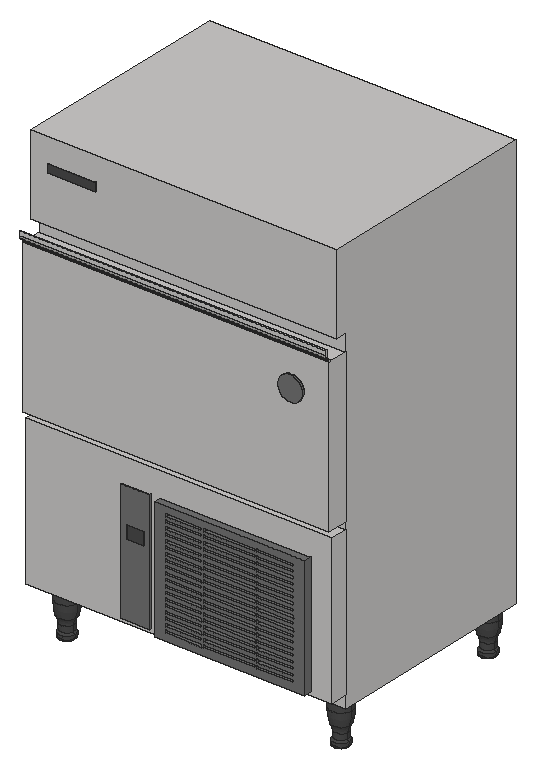
Revit family "QF_MACOM_HOSIM65NEQ-2M", category Equipamento especial, Revit 2020
Family settings
  Cota do conector redondo = Utilizar diâmetro
  Tipo de parte = Normal
  Número OmniClass = 23.40.40.14.27
  Título OmniClass = Ice Machines
  Com base no plano de trabalho = Não
  Sempre na vertical = Sim
  Corte com vazios quando carregada = Não
  Compartilhado = Não
  Ponto de cálculo do ambiente = Não
Parameters (values of type "HOSIM65NEQ-2M")
  Weight [instance] = 53.00 kg
  Watts [instance] = 390 W
  Waste Water Discharge Temperature = 0 °C
  Volume = 0.304 m³
  Volts [instance] = 220 V
  URL Recommended Spares List [instance] = ""
  URL Manufacturer [instance] = ""
  URL Cutsheet [instance] = ""
  URL Critical Spares List [instance] = ""
  URL = "https://www.acosmacom.com.br/produtos/maquina-de-gelo-im-65-neq/"
  Specification by User [instance] = ""
  Specification by Manufacturer [instance] = ""
  Serial Number [instance] = ""
  Seismic Rating [instance] = ""
  SMACNA No [instance] = ""
  Revision Code [instance] = ""
  Plumbing Remarks = ""
  Plumbing Connection Type = ""
  Number of Poles = 0
  NAFEM Spec ID Number [instance] = ""
  Modelo = "HOSIM65NEQ-2M\r\nHOSIM65NELM-2M\r\nHOSIM65NELM-2M"
  Min Ckt Capacity = 0 A
  Max Overcurrent Protection = 0 A
  Item Number [instance] = ""
  Installed By [instance] = ""
  Indirect Waste Size = 3/4"
  Indirect Waste Flow = 0.0 L/s
  Indirect Waste Connection Type = ""
  Indirect Waste Connection Height = 177 mm
  Furnished By [instance] = ""
  Fabricante = "MACOM"
  Elevação padrão = 0 mm
  Electrical Remarks = ""
  Electric Connection Type = ""
  Elec Conn RI Height = 0 mm
  Descrição = "MAQUINA DE GELO EM ESFERA HOSHIZAKI, PRODUCAO ATE 26KG/DIA, COM DEPOSITO DE 17KG - 220V MONOF - IM-65NE-Q-633X506X860"
  Conn Conduit = ""
  Type Comments = ""
  Show Logo [instance] = yes
  Show Clearances [instance] = yes
  Refrigeration Suction Line Size [instance] = 0"
  Refrigeration Liquid Line Size [instance] = 0"
  Refrigeration Evaporation Temperature [instance] = 0 °C
  Refrigeration Energy Efficiency Index [instance] = ""
  Refrigeration Defrost Drain [instance] = yes
  Refrigeration Climate Class [instance] = ""
  Refrigerant Type [instance] = "R134a"
  Refrigerant Mass [instance] = 0
  Refrigerant Flow [instance] = 0.0 L/s
  Refrigerant Compressor Remote [instance] = yes
  Potential Equalisation [instance] = yes
  Phase [instance] = 1
  Operational Current [instance] = 2.9 A
  Masterspec [instance] = ""
  Length Actual [instance] = 633 mm
  Ingress Protection Code [instance] = ""
  Identify Quantity as Lot [instance] = yes
  Height Actual [instance] = 950 mm
  Gas Connection Height [instance] = 0 mm
  Fuel Type [instance] = ""
  Foodservice Equipment Identifier [instance] = yes
  Elec Conn Connection Height [instance] = 228 mm
  Depth Actual [instance] = 514 mm
  Cycle [instance] = 60 Hz
  Conn Plug [instance] = ""
  Cold Water Temperature Recommended = 0 °C
  Cold Water Size = 3/4"
  Cold Water RI Height = 0 mm
  Cold Water Minimum Pressure = 0.0 Pa
  Cold Water Maximum Pressure = 0.0 Pa
  Cold Water Flow = 0.0 L/s
  Cold Water Consumption = ""
  Cold Water Connection Height = 766 mm
  CSI MasterFormat [instance] = ""
  CE Approved [instance] = yes
  BTUH [instance] = 2729 Btu/h
  Accessory [instance] = yes
Reference planes
  plane 1 "Centro (Frontal/Traseira)": y = 0
  plane 2: z = 0
  plane 3 "Centro (Esquerda/Direita)": x = 0
  plane 4: y = -514
  plane 5: z = 370.85
  plane 6: z = 120.85
  plane 7: y = -772
Forms (mm)
  Extrusion 1, solid, material "QF_Metal_Stainless Steel"
    sketch origin (0, 0, 0) x (0, 1, 0) y (0, 0, 1)
      loop
        line (-464, 90.5) -> (-24, 90.5) -> (-24, 950) -> (-487, 950) -> (-487, 786) -> (-464, 786) -> (-464, 90.5)
    from 0 to 633
  Extrusion 2, solid, material "QF_Metal_Stainless Steel"
    sketch origin (0, -464, 1046.354) x (0, 0, -1) y (1, 0, 0)
      loop
        line (624.354, 0) -> (931.354, 0) -> (931.354, 633) -> (624.354, 633) -> (624.354, 0)
    from 0 to 35
  Extrusion 3, solid, material "QF_Metal_Stainless Steel"
    sketch origin (0, -464, 1046.354) x (0, 0, -1) y (1, 0, 0)
      loop
        line (295.454, 0) -> (610.454, 0) -> (610.454, 633) -> (295.454, 633) -> (295.454, 0)
    from 0 to 42
  Extrusion 4, solid, material "QF_Metal_Stainless Steel"
    sketch origin (633, -464, 747.901) x (0, 0, -1) y (0, 1, 0)
      loop
        line (-2.999, -42) -> (-2.999, -40.896) -> (-5.061, -40.896)
        arc (-5.061, -40.896) -> (-6.488, -41.241) -> (-7.601, -42.198) r 3.129
        line (-7.601, -42.198) -> (-12.397, -46.994)
        arc (-12.397, -46.994) -> (-14.619, -48.479) -> (-17.24, -49) r 6.849
        line (-17.24, -49) -> (-27.599, -49) -> (-27.599, -50) -> (-17.746, -50)
        arc (-17.746, -50) -> (-14.456, -49.346) -> (-11.667, -47.482) r 8.597
        line (-11.667, -47.482) -> (-6.785, -42.6)
        arc (-6.785, -42.6) -> (-6.12, -42.156) -> (-5.336, -42) r 2.05
        line (-5.336, -42) -> (-2.999, -42)
    from 0 to -633
  Extrusion 5, solid, material "QF_Plastic-Dark Gray"
    sketch origin (0, -499, 1046.354) x (0, 0, -1) y (1, 0, 0)
      loop
        line (675.504, 278.5) -> (925.504, 278.5) -> (925.504, 588.5) -> (675.504, 588.5) -> (675.504, 278.5)
      loop
        line (688.814, 301.25) -> (694.814, 301.25) -> (694.814, 377) -> (688.814, 377) -> (688.814, 301.25)
      loop
        line (688.814, 380) -> (694.814, 380) -> (694.814, 487) -> (688.814, 487) -> (688.814, 380)
      loop
        line (688.814, 490) -> (694.814, 490) -> (694.814, 565.75) -> (688.814, 565.75) -> (688.814, 490)
      loop
        line (700.814, 301.25) -> (706.814, 301.25) -> (706.814, 377) -> (700.814, 377) -> (700.814, 301.25)
      loop
        line (700.814, 380) -> (706.814, 380) -> (706.814, 487) -> (700.814, 487) -> (700.814, 380)
      loop
        line (700.814, 490) -> (706.814, 490) -> (706.814, 565.75) -> (700.814, 565.75) -> (700.814, 490)
      loop
        line (712.814, 301.25) -> (718.814, 301.25) -> (718.814, 377) -> (712.814, 377) -> (712.814, 301.25)
      loop
        line (712.814, 380) -> (718.814, 380) -> (718.814, 487) -> (712.814, 487) -> (712.814, 380)
      loop
        line (712.814, 490) -> (718.814, 490) -> (718.814, 565.75) -> (712.814, 565.75) -> (712.814, 490)
      loop
        line (724.814, 301.25) -> (730.814, 301.25) -> (730.814, 377) -> (724.814, 377) -> (724.814, 301.25)
      loop
        line (724.814, 380) -> (730.814, 380) -> (730.814, 487) -> (724.814, 487) -> (724.814, 380)
      loop
        line (724.814, 490) -> (730.814, 490) -> (730.814, 565.75) -> (724.814, 565.75) -> (724.814, 490)
      loop
        line (736.814, 301.25) -> (742.814, 301.25) -> (742.814, 377) -> (736.814, 377) -> (736.814, 301.25)
      loop
        line (736.814, 380) -> (742.814, 380) -> (742.814, 487) -> (736.814, 487) -> (736.814, 380)
      loop
        line (736.814, 490) -> (742.814, 490) -> (742.814, 565.75) -> (736.814, 565.75) -> (736.814, 490)
      loop
        line (748.814, 301.25) -> (754.814, 301.25) -> (754.814, 377) -> (748.814, 377) -> (748.814, 301.25)
      loop
        line (748.814, 380) -> (754.814, 380) -> (754.814, 487) -> (748.814, 487) -> (748.814, 380)
      loop
        line (748.814, 490) -> (754.814, 490) -> (754.814, 565.75) -> (748.814, 565.75) -> (748.814, 490)
      loop
        line (760.814, 301.25) -> (766.814, 301.25) -> (766.814, 377) -> (760.814, 377) -> (760.814, 301.25)
      loop
        line (760.814, 380) -> (766.814, 380) -> (766.814, 487) -> (760.814, 487) -> (760.814, 380)
      loop
        line (760.814, 490) -> (766.814, 490) -> (766.814, 565.75) -> (760.814, 565.75) -> (760.814, 490)
      loop
        line (772.814, 301.25) -> (778.814, 301.25) -> (778.814, 377) -> (772.814, 377) -> (772.814, 301.25)
      loop
        line (772.814, 380) -> (778.814, 380) -> (778.814, 487) -> (772.814, 487) -> (772.814, 380)
      loop
        line (772.814, 490) -> (778.814, 490) -> (778.814, 565.75) -> (772.814, 565.75) -> (772.814, 490)
      loop
        line (784.814, 301.25) -> (790.814, 301.25) -> (790.814, 377) -> (784.814, 377) -> (784.814, 301.25)
      loop
        line (784.814, 380) -> (790.814, 380) -> (790.814, 487) -> (784.814, 487) -> (784.814, 380)
      loop
        line (784.814, 490) -> (790.814, 490) -> (790.814, 565.75) -> (784.814, 565.75) -> (784.814, 490)
      loop
        line (796.814, 301.25) -> (802.814, 301.25) -> (802.814, 377) -> (796.814, 377) -> (796.814, 301.25)
      loop
        line (796.814, 380) -> (802.814, 380) -> (802.814, 487) -> (796.814, 487) -> (796.814, 380)
      loop
        line (796.814, 490) -> (802.814, 490) -> (802.814, 565.75) -> (796.814, 565.75) -> (796.814, 490)
      loop
        line (808.814, 301.25) -> (814.814, 301.25) -> (814.814, 377) -> (808.814, 377) -> (808.814, 301.25)
      loop
        line (808.814, 380) -> (814.814, 380) -> (814.814, 487) -> (808.814, 487) -> (808.814, 380)
      loop
        line (808.814, 490) -> (814.814, 490) -> (814.814, 565.75) -> (808.814, 565.75) -> (808.814, 490)
      loop
        line (820.814, 301.25) -> (826.814, 301.25) -> (826.814, 377) -> (820.814, 377) -> (820.814, 301.25)
      loop
        line (820.814, 380) -> (826.814, 380) -> (826.814, 487) -> (820.814, 487) -> (820.814, 380)
      loop
        line (820.814, 490) -> (826.814, 490) -> (826.814, 565.75) -> (820.814, 565.75) -> (820.814, 490)
      loop
        line (832.814, 301.25) -> (838.814, 301.25) -> (838.814, 377) -> (832.814, 377) -> (832.814, 301.25)
      loop
        line (832.814, 380) -> (838.814, 380) -> (838.814, 487) -> (832.814, 487) -> (832.814, 380)
      loop
        line (832.814, 490) -> (838.814, 490) -> (838.814, 565.75) -> (832.814, 565.75) -> (832.814, 490)
      loop
        line (844.814, 301.25) -> (850.814, 301.25) -> (850.814, 377) -> (844.814, 377) -> (844.814, 301.25)
      loop
        line (844.814, 380) -> (850.814, 380) -> (850.814, 487) -> (844.814, 487) -> (844.814, 380)
      loop
        line (844.814, 490) -> (850.814, 490) -> (850.814, 565.75) -> (844.814, 565.75) -> (844.814, 490)
      loop
        line (856.814, 301.25) -> (862.814, 301.25) -> (862.814, 377) -> (856.814, 377) -> (856.814, 301.25)
      loop
        line (856.814, 380) -> (862.814, 380) -> (862.814, 487) -> (856.814, 487) -> (856.814, 380)
      loop
        line (856.814, 490) -> (862.814, 490) -> (862.814, 565.75) -> (856.814, 565.75) -> (856.814, 490)
      loop
        line (868.814, 301.25) -> (874.814, 301.25) -> (874.814, 377) -> (868.814, 377) -> (868.814, 301.25)
      loop
        line (868.814, 380) -> (874.814, 380) -> (874.814, 487) -> (868.814, 487) -> (868.814, 380)
      loop
        line (868.814, 490) -> (874.814, 490) -> (874.814, 565.75) -> (868.814, 565.75) -> (868.814, 490)
      loop
        line (880.814, 301.25) -> (886.814, 301.25) -> (886.814, 377) -> (880.814, 377) -> (880.814, 301.25)
      loop
        line (880.814, 380) -> (886.814, 380) -> (886.814, 487) -> (880.814, 487) -> (880.814, 380)
      loop
        line (880.814, 490) -> (886.814, 490) -> (886.814, 565.75) -> (880.814, 565.75) -> (880.814, 490)
      loop
        line (892.814, 301.25) -> (898.814, 301.25) -> (898.814, 377) -> (892.814, 377) -> (892.814, 301.25)
      loop
        line (892.814, 380) -> (898.814, 380) -> (898.814, 487) -> (892.814, 487) -> (892.814, 380)
      loop
        line (892.814, 490) -> (898.814, 490) -> (898.814, 565.75) -> (892.814, 565.75) -> (892.814, 490)
      loop
        line (904.814, 301.25) -> (910.814, 301.25) -> (910.814, 377) -> (904.814, 377) -> (904.814, 301.25)
      loop
        line (904.814, 380) -> (910.814, 380) -> (910.814, 487) -> (904.814, 487) -> (904.814, 380)
      loop
        line (904.814, 490) -> (910.814, 490) -> (910.814, 565.75) -> (904.814, 565.75) -> (904.814, 490)
    from 0 to 15
  Extrusion 6, solid, material "QF_Plastic-Dark Gray"
    sketch origin (0, -499, 1046.354) x (0, 0, -1) y (1, 0, 0)
      loop
        line (675.504, 198) -> (925.504, 198) -> (925.504, 258) -> (675.504, 258) -> (675.504, 198)
      loop
        line (749.004, 209.5) -> (775.004, 209.5) -> (775.004, 246.5) -> (749.004, 246.5) -> (749.004, 209.5)
    from 0 to 2
  Extrusion 7, solid, material "QF_Plastic_Black"
    sketch origin (0, -499, 1046.354) x (0, 0, -1) y (1, 0, 0)
      loop
        line (749.004, 209.5) -> (775.004, 209.5) -> (775.004, 246.5) -> (749.004, 246.5) -> (749.004, 209.5)
    from 0 to 2
  Extrusion 8, solid, material "QF_Metal_Stainless Steel"
    sketch origin (0, -243.851, 950) x (0, -1, 0) y (1, 0, 0)
      loop
        line (-243.851, 511.5) -> (-219.851, 511.5) -> (-219.851, 591.5) -> (-243.851, 591.5) -> (-243.851, 511.5)
    from -51.4 to -663.4
  Extrusion 9, solid, material "QF_Finishes_Clearance Door Blue", detail levels coarse
    sketch origin (633, -464, 747.901) x (0, 0, -1) y (0, 1, 0)
      loop
        line (312.001, -42) -> (-2.999, -42)
        arc (-2.999, -42) -> (36.496, -194.715) -> (145.076, -309.135) r 315
        line (145.076, -309.135) -> (312.001, -42)
    from 0 to -633
  Extrusion 10, solid, material "QF_Finishes_Clearance Wall", detail levels coarse
    sketch origin (0, -243.851, 950) x (0, -1, 0) y (1, 0, 0)
      loop
        line (270.149, 633) -> (270.149, 783) -> (-393.851, 783) -> (-393.851, -150) -> (270.149, -150) -> (270.149, 0) -> (-243.851, 0) -> (-243.851, 633) -> (270.149, 633)
    from 0 to -950
  Extrusion 11, solid, material "QF_Finishes_Clearance Wall", detail levels coarse
    sketch origin (0, -243.851, 950) x (0, -1, 0) y (1, 0, 0)
      loop
        line (-393.851, -150) -> (270.149, -150) -> (270.149, 783) -> (-393.851, 783) -> (-393.851, -150)
    from 0 to 150
  Extrusion 12, solid, material "QF_Metal_Stainless Steel"
    sketch origin (0, -24, 206.354) x (0, 0, 1) y (1, 0, 0)
      loop
        circle (61.146, 79) r 9.525
      loop
        circle (112.146, 35) r 9.525
      loop
        circle (650.146, 67) r 9.525
    from 0 to 6.35
Cuts and joins
  joined: Extrusion 10, Extrusion 11
Lines and regions (mm)
  symbolic lines
    curve 1: line (0, -24, 0) -> (633, -24, 0)
    curve 2: line (0, -506, 0) -> (0, -24, 0)
    curve 3: line (633, -506, 0) -> (0, -506, 0)
    curve 4: line (633, -24, 0) -> (633, -506, 0)
    curve 5: line (633, -513, 0) -> (0, -513, 0)
    curve 6: line (633, -506, 0) -> (633, -513, 0)
    curve 7: line (0, -506, 0) -> (633, -506, 0)
    curve 8: line (0, -513, 0) -> (0, -506, 0)
    curve 9: line (511.5, 0, 0) -> (591.5, 0, 0)
    curve 10: line (511.5, -24, 0) -> (511.5, 0, 0)
    curve 11: line (591.5, -24, 0) -> (511.5, -24, 0)
    curve 12: line (591.5, 0, 0) -> (591.5, -24, 0)
    curve 13: line (88.525, -17.65, 0) -> (76.562, -17.65, 0)
    curve 14: line (88.525, -24, 0) -> (88.525, -17.65, 0)
    curve 15: line (76.562, -24, 0) -> (88.525, -24, 0)
    curve 16: line (76.562, -17.65, 0) -> (76.562, -24, 0)
    curve 17: line (69.475, -17.65, 0) -> (57.442, -17.65, 0)
    curve 18: line (69.475, -24, 0) -> (69.475, -17.65, 0)
    curve 19: line (57.442, -24, 0) -> (69.475, -24, 0)
    curve 20: line (57.442, -17.65, 0) -> (57.442, -24, 0)
    curve 21: line (44.525, -17.65, 0) -> (25.419, -17.65, 0)
    curve 22: line (44.525, -24, 0) -> (44.525, -17.65, 0)
    curve 23: line (25.419, -24, 0) -> (44.525, -24, 0)
    curve 24: line (25.419, -17.65, 0) -> (25.419, -24, 0)
  model lines
    curve 25: line (633, -376, 315.5) -> (633, -372, 315.5)
    curve 26: line (633, -376, 259.5) -> (633, -376, 315.5)
    curve 27: line (633, -372, 259.5) -> (633, -376, 259.5)
    curve 28: line (633, -372, 315.5) -> (633, -372, 259.5)
    curve 29: line (633, -376, 254.5) -> (633, -372, 254.5)
    curve 30: line (633, -376, 233.5) -> (633, -376, 254.5)
    curve 31: line (633, -372, 233.5) -> (633, -376, 233.5)
    curve 32: line (633, -372, 254.5) -> (633, -372, 233.5)
    curve 33: line (633, -376, 228.5) -> (633, -372, 228.5)
    curve 34: line (633, -376, 172.5) -> (633, -376, 228.5)
    curve 35: line (633, -372, 172.5) -> (633, -376, 172.5)
    curve 36: line (633, -372, 228.5) -> (633, -372, 172.5)
    curve 37: line (633, -376, 167.5) -> (633, -372, 167.5)
    curve 38: line (633, -376, 141.5) -> (633, -376, 167.5)
    curve 39: line (633, -372, 141.5) -> (633, -376, 141.5)
    curve 40: line (633, -372, 167.5) -> (633, -372, 141.5)
    curve 57: line (633, -367, 315.5) -> (633, -363, 315.5)
    curve 58: line (633, -367, 259.5) -> (633, -367, 315.5)
    curve 59: line (633, -363, 259.5) -> (633, -367, 259.5)
    curve 60: line (633, -363, 315.5) -> (633, -363, 259.5)
    curve 61: line (633, -367, 254.5) -> (633, -363, 254.5)
    curve 62: line (633, -367, 233.5) -> (633, -367, 254.5)
    curve 63: line (633, -363, 233.5) -> (633, -367, 233.5)
    curve 64: line (633, -363, 254.5) -> (633, -363, 233.5)
    curve 65: line (633, -367, 228.5) -> (633, -363, 228.5)
    curve 66: line (633, -367, 172.5) -> (633, -367, 228.5)
    curve 67: line (633, -363, 172.5) -> (633, -367, 172.5)
    curve 68: line (633, -363, 228.5) -> (633, -363, 172.5)
    curve 69: line (633, -367, 167.5) -> (633, -363, 167.5)
    curve 70: line (633, -367, 141.5) -> (633, -367, 167.5)
    curve 71: line (633, -363, 141.5) -> (633, -367, 141.5)
    curve 72: line (633, -363, 167.5) -> (633, -363, 141.5)
    curve 73: line (633, -358, 315.5) -> (633, -354, 315.5)
    curve 74: line (633, -358, 259.5) -> (633, -358, 315.5)
    curve 75: line (633, -354, 259.5) -> (633, -358, 259.5)
    curve 76: line (633, -354, 315.5) -> (633, -354, 259.5)
    curve 77: line (633, -358, 254.5) -> (633, -354, 254.5)
    curve 78: line (633, -358, 233.5) -> (633, -358, 254.5)
    curve 79: line (633, -354, 233.5) -> (633, -358, 233.5)
    curve 80: line (633, -354, 254.5) -> (633, -354, 233.5)
    curve 81: line (633, -358, 228.5) -> (633, -354, 228.5)
    curve 82: line (633, -358, 172.5) -> (633, -358, 228.5)
    curve 83: line (633, -354, 172.5) -> (633, -358, 172.5)
    curve 84: line (633, -354, 228.5) -> (633, -354, 172.5)
    curve 85: line (633, -358, 167.5) -> (633, -354, 167.5)
    curve 86: line (633, -358, 141.5) -> (633, -358, 167.5)
    curve 87: line (633, -354, 141.5) -> (633, -358, 141.5)
    curve 88: line (633, -354, 167.5) -> (633, -354, 141.5)
    curve 89: line (633, -349, 315.5) -> (633, -345, 315.5)
    curve 90: line (633, -349, 259.5) -> (633, -349, 315.5)
    curve 91: line (633, -345, 259.5) -> (633, -349, 259.5)
    curve 92: line (633, -345, 315.5) -> (633, -345, 259.5)
    curve 93: line (633, -349, 254.5) -> (633, -345, 254.5)
    curve 94: line (633, -349, 233.5) -> (633, -349, 254.5)
    curve 95: line (633, -345, 233.5) -> (633, -349, 233.5)
    curve 96: line (633, -345, 254.5) -> (633, -345, 233.5)
    curve 97: line (633, -349, 228.5) -> (633, -345, 228.5)
    curve 98: line (633, -349, 172.5) -> (633, -349, 228.5)
    curve 99: line (633, -345, 172.5) -> (633, -349, 172.5)
    curve 100: line (633, -345, 228.5) -> (633, -345, 172.5)
    curve 101: line (633, -349, 167.5) -> (633, -345, 167.5)
    curve 102: line (633, -349, 141.5) -> (633, -349, 167.5)
    curve 103: line (633, -345, 141.5) -> (633, -349, 141.5)
    curve 104: line (633, -345, 167.5) -> (633, -345, 141.5)
    curve 105: line (633, -340, 315.5) -> (633, -336, 315.5)
    curve 106: line (633, -340, 259.5) -> (633, -340, 315.5)
    curve 107: line (633, -336, 259.5) -> (633, -340, 259.5)
    curve 108: line (633, -336, 315.5) -> (633, -336, 259.5)
    curve 109: line (633, -340, 254.5) -> (633, -336, 254.5)
    curve 110: line (633, -340, 233.5) -> (633, -340, 254.5)
    curve 111: line (633, -336, 233.5) -> (633, -340, 233.5)
    curve 112: line (633, -336, 254.5) -> (633, -336, 233.5)
    curve 113: line (633, -340, 228.5) -> (633, -336, 228.5)
    curve 114: line (633, -340, 172.5) -> (633, -340, 228.5)
    curve 115: line (633, -336, 172.5) -> (633, -340, 172.5)
    curve 116: line (633, -336, 228.5) -> (633, -336, 172.5)
    curve 117: line (633, -340, 167.5) -> (633, -336, 167.5)
    curve 118: line (633, -340, 141.5) -> (633, -340, 167.5)
    curve 119: line (633, -336, 141.5) -> (633, -340, 141.5)
    curve 120: line (633, -336, 167.5) -> (633, -336, 141.5)
    curve 121: line (633, -331, 315.5) -> (633, -327, 315.5)
    curve 122: line (633, -331, 259.5) -> (633, -331, 315.5)
    curve 123: line (633, -327, 259.5) -> (633, -331, 259.5)
    curve 124: line (633, -327, 315.5) -> (633, -327, 259.5)
    curve 125: line (633, -331, 254.5) -> (633, -327, 254.5)
    curve 126: line (633, -331, 233.5) -> (633, -331, 254.5)
    curve 127: line (633, -327, 233.5) -> (633, -331, 233.5)
    curve 128: line (633, -327, 254.5) -> (633, -327, 233.5)
    curve 129: line (633, -331, 228.5) -> (633, -327, 228.5)
    curve 130: line (633, -331, 172.5) -> (633, -331, 228.5)
    curve 131: line (633, -327, 172.5) -> (633, -331, 172.5)
    curve 132: line (633, -327, 228.5) -> (633, -327, 172.5)
    curve 133: line (633, -331, 167.5) -> (633, -327, 167.5)
    curve 134: line (633, -331, 141.5) -> (633, -331, 167.5)
    curve 135: line (633, -327, 141.5) -> (633, -331, 141.5)
    curve 136: line (633, -327, 167.5) -> (633, -327, 141.5)
    curve 137: line (633, -322, 315.5) -> (633, -318, 315.5)
    curve 138: line (633, -322, 259.5) -> (633, -322, 315.5)
    curve 139: line (633, -318, 259.5) -> (633, -322, 259.5)
    curve 140: line (633, -318, 315.5) -> (633, -318, 259.5)
    curve 141: line (633, -322, 254.5) -> (633, -318, 254.5)
    curve 142: line (633, -322, 233.5) -> (633, -322, 254.5)
    curve 143: line (633, -318, 233.5) -> (633, -322, 233.5)
    curve 144: line (633, -318, 254.5) -> (633, -318, 233.5)
    curve 145: line (633, -322, 228.5) -> (633, -318, 228.5)
    curve 146: line (633, -322, 172.5) -> (633, -322, 228.5)
    curve 147: line (633, -318, 172.5) -> (633, -322, 172.5)
    curve 148: line (633, -318, 228.5) -> (633, -318, 172.5)
    curve 149: line (633, -322, 167.5) -> (633, -318, 167.5)
    curve 150: line (633, -322, 141.5) -> (633, -322, 167.5)
    curve 151: line (633, -318, 141.5) -> (633, -322, 141.5)
    curve 152: line (633, -318, 167.5) -> (633, -318, 141.5)
    curve 153: line (633, -313, 315.5) -> (633, -309, 315.5)
    curve 154: line (633, -313, 259.5) -> (633, -313, 315.5)
    curve 155: line (633, -309, 259.5) -> (633, -313, 259.5)
    curve 156: line (633, -309, 315.5) -> (633, -309, 259.5)
    curve 157: line (633, -313, 254.5) -> (633, -309, 254.5)
    curve 158: line (633, -313, 233.5) -> (633, -313, 254.5)
    curve 159: line (633, -309, 233.5) -> (633, -313, 233.5)
    curve 160: line (633, -309, 254.5) -> (633, -309, 233.5)
    curve 161: line (633, -313, 228.5) -> (633, -309, 228.5)
    curve 162: line (633, -313, 172.5) -> (633, -313, 228.5)
    curve 163: line (633, -309, 172.5) -> (633, -313, 172.5)
    curve 164: line (633, -309, 228.5) -> (633, -309, 172.5)
    curve 165: line (633, -313, 167.5) -> (633, -309, 167.5)
    curve 166: line (633, -313, 141.5) -> (633, -313, 167.5)
    curve 167: line (633, -309, 141.5) -> (633, -313, 141.5)
    curve 168: line (633, -309, 167.5) -> (633, -309, 141.5)
    curve 169: line (633, -304, 315.5) -> (633, -300, 315.5)
    curve 170: line (633, -304, 259.5) -> (633, -304, 315.5)
    curve 171: line (633, -300, 259.5) -> (633, -304, 259.5)
    curve 172: line (633, -300, 315.5) -> (633, -300, 259.5)
    curve 173: line (633, -304, 254.5) -> (633, -300, 254.5)
    curve 174: line (633, -304, 233.5) -> (633, -304, 254.5)
    curve 175: line (633, -300, 233.5) -> (633, -304, 233.5)
    curve 176: line (633, -300, 254.5) -> (633, -300, 233.5)
    curve 177: line (633, -304, 228.5) -> (633, -300, 228.5)
    curve 178: line (633, -304, 172.5) -> (633, -304, 228.5)
    curve 179: line (633, -300, 172.5) -> (633, -304, 172.5)
    curve 180: line (633, -300, 228.5) -> (633, -300, 172.5)
    curve 181: line (633, -304, 167.5) -> (633, -300, 167.5)
    curve 182: line (633, -304, 141.5) -> (633, -304, 167.5)
    curve 183: line (633, -300, 141.5) -> (633, -304, 141.5)
    curve 184: line (633, -300, 167.5) -> (633, -300, 141.5)
    curve 185: line (633, -295, 315.5) -> (633, -291, 315.5)
    curve 186: line (633, -295, 259.5) -> (633, -295, 315.5)
    curve 187: line (633, -291, 259.5) -> (633, -295, 259.5)
    curve 188: line (633, -291, 315.5) -> (633, -291, 259.5)
    curve 189: line (633, -295, 254.5) -> (633, -291, 254.5)
    curve 190: line (633, -295, 233.5) -> (633, -295, 254.5)
    curve 191: line (633, -291, 233.5) -> (633, -295, 233.5)
    curve 192: line (633, -291, 254.5) -> (633, -291, 233.5)
    curve 193: line (633, -295, 228.5) -> (633, -291, 228.5)
    curve 194: line (633, -295, 172.5) -> (633, -295, 228.5)
    curve 195: line (633, -291, 172.5) -> (633, -295, 172.5)
    curve 196: line (633, -291, 228.5) -> (633, -291, 172.5)
    curve 197: line (633, -295, 167.5) -> (633, -291, 167.5)
    curve 198: line (633, -295, 141.5) -> (633, -295, 167.5)
    curve 199: line (633, -291, 141.5) -> (633, -295, 141.5)
    curve 200: line (633, -291, 167.5) -> (633, -291, 141.5)
    curve 201: line (633, -286, 315.5) -> (633, -282, 315.5)
    curve 202: line (633, -286, 259.5) -> (633, -286, 315.5)
    curve 203: line (633, -282, 259.5) -> (633, -286, 259.5)
    curve 204: line (633, -282, 315.5) -> (633, -282, 259.5)
    curve 205: line (633, -286, 254.5) -> (633, -282, 254.5)
    curve 206: line (633, -286, 233.5) -> (633, -286, 254.5)
    curve 207: line (633, -282, 233.5) -> (633, -286, 233.5)
    curve 208: line (633, -282, 254.5) -> (633, -282, 233.5)
    curve 209: line (633, -286, 228.5) -> (633, -282, 228.5)
    curve 210: line (633, -286, 172.5) -> (633, -286, 228.5)
    curve 211: line (633, -282, 172.5) -> (633, -286, 172.5)
    curve 212: line (633, -282, 228.5) -> (633, -282, 172.5)
    curve 213: line (633, -286, 167.5) -> (633, -282, 167.5)
    curve 214: line (633, -286, 141.5) -> (633, -286, 167.5)
    curve 215: line (633, -282, 141.5) -> (633, -286, 141.5)
    curve 216: line (633, -282, 167.5) -> (633, -282, 141.5)
    curve 217: line (633, -277, 315.5) -> (633, -273, 315.5)
    curve 218: line (633, -277, 259.5) -> (633, -277, 315.5)
    curve 219: line (633, -273, 259.5) -> (633, -277, 259.5)
    curve 220: line (633, -273, 315.5) -> (633, -273, 259.5)
    curve 221: line (633, -277, 254.5) -> (633, -273, 254.5)
    curve 222: line (633, -277, 233.5) -> (633, -277, 254.5)
    curve 223: line (633, -273, 233.5) -> (633, -277, 233.5)
    curve 224: line (633, -273, 254.5) -> (633, -273, 233.5)
    curve 225: line (633, -277, 228.5) -> (633, -273, 228.5)
    curve 226: line (633, -277, 172.5) -> (633, -277, 228.5)
    curve 227: line (633, -273, 172.5) -> (633, -277, 172.5)
    curve 228: line (633, -273, 228.5) -> (633, -273, 172.5)
    curve 229: line (633, -277, 167.5) -> (633, -273, 167.5)
    curve 230: line (633, -277, 141.5) -> (633, -277, 167.5)
    curve 231: line (633, -273, 141.5) -> (633, -277, 141.5)
    curve 232: line (633, -273, 167.5) -> (633, -273, 141.5)
    curve 233: line (633, -268, 315.5) -> (633, -264, 315.5)
    curve 234: line (633, -268, 259.5) -> (633, -268, 315.5)
    curve 235: line (633, -264, 259.5) -> (633, -268, 259.5)
    curve 236: line (633, -264, 315.5) -> (633, -264, 259.5)
    curve 237: line (633, -268, 254.5) -> (633, -264, 254.5)
    curve 238: line (633, -268, 233.5) -> (633, -268, 254.5)
    curve 239: line (633, -264, 233.5) -> (633, -268, 233.5)
    curve 240: line (633, -264, 254.5) -> (633, -264, 233.5)
    curve 241: line (633, -268, 228.5) -> (633, -264, 228.5)
    curve 242: line (633, -268, 172.5) -> (633, -268, 228.5)
    curve 243: line (633, -264, 172.5) -> (633, -268, 172.5)
    curve 244: line (633, -264, 228.5) -> (633, -264, 172.5)
    curve 245: line (633, -268, 167.5) -> (633, -264, 167.5)
    curve 246: line (633, -268, 141.5) -> (633, -268, 167.5)
    curve 247: line (633, -264, 141.5) -> (633, -268, 141.5)
    curve 248: line (633, -264, 167.5) -> (633, -264, 141.5)
    curve 249: line (633, -259, 315.5) -> (633, -255, 315.5)
    curve 250: line (633, -259, 259.5) -> (633, -259, 315.5)
    curve 251: line (633, -255, 259.5) -> (633, -259, 259.5)
    curve 252: line (633, -255, 315.5) -> (633, -255, 259.5)
    curve 253: line (633, -259, 254.5) -> (633, -255, 254.5)
    curve 254: line (633, -259, 233.5) -> (633, -259, 254.5)
    curve 255: line (633, -255, 233.5) -> (633, -259, 233.5)
    curve 256: line (633, -255, 254.5) -> (633, -255, 233.5)
    curve 257: line (633, -259, 228.5) -> (633, -255, 228.5)
    curve 258: line (633, -259, 172.5) -> (633, -259, 228.5)
    curve 259: line (633, -255, 172.5) -> (633, -259, 172.5)
    curve 260: line (633, -255, 228.5) -> (633, -255, 172.5)
    curve 261: line (633, -259, 167.5) -> (633, -255, 167.5)
    curve 262: line (633, -259, 141.5) -> (633, -259, 167.5)
    curve 263: line (633, -255, 141.5) -> (633, -259, 141.5)
    curve 264: line (633, -255, 167.5) -> (633, -255, 141.5)
    curve 265: line (633, -250, 315.5) -> (633, -246, 315.5)
    curve 266: line (633, -250, 259.5) -> (633, -250, 315.5)
    curve 267: line (633, -246, 259.5) -> (633, -250, 259.5)
    curve 268: line (633, -246, 315.5) -> (633, -246, 259.5)
    curve 269: line (633, -250, 254.5) -> (633, -246, 254.5)
    curve 270: line (633, -250, 233.5) -> (633, -250, 254.5)
    curve 271: line (633, -246, 233.5) -> (633, -250, 233.5)
    curve 272: line (633, -246, 254.5) -> (633, -246, 233.5)
    curve 273: line (633, -250, 228.5) -> (633, -246, 228.5)
    curve 274: line (633, -250, 172.5) -> (633, -250, 228.5)
    curve 275: line (633, -246, 172.5) -> (633, -250, 172.5)
    curve 276: line (633, -246, 228.5) -> (633, -246, 172.5)
    curve 277: line (633, -250, 167.5) -> (633, -246, 167.5)
    curve 278: line (633, -250, 141.5) -> (633, -250, 167.5)
    curve 279: line (633, -246, 141.5) -> (633, -250, 141.5)
    curve 280: line (633, -246, 167.5) -> (633, -246, 141.5)
    curve 281: line (633, -241, 315.5) -> (633, -237, 315.5)
    curve 282: line (633, -241, 259.5) -> (633, -241, 315.5)
    curve 283: line (633, -237, 259.5) -> (633, -241, 259.5)
    curve 284: line (633, -237, 315.5) -> (633, -237, 259.5)
    curve 285: line (633, -241, 254.5) -> (633, -237, 254.5)
    curve 286: line (633, -241, 233.5) -> (633, -241, 254.5)
    curve 287: line (633, -237, 233.5) -> (633, -241, 233.5)
    curve 288: line (633, -237, 254.5) -> (633, -237, 233.5)
    curve 289: line (633, -241, 228.5) -> (633, -237, 228.5)
    curve 290: line (633, -241, 172.5) -> (633, -241, 228.5)
    curve 291: line (633, -237, 172.5) -> (633, -241, 172.5)
    curve 292: line (633, -237, 228.5) -> (633, -237, 172.5)
    curve 293: line (633, -241, 167.5) -> (633, -237, 167.5)
    curve 294: line (633, -241, 141.5) -> (633, -241, 167.5)
    curve 295: line (633, -237, 141.5) -> (633, -241, 141.5)
    curve 296: line (633, -237, 167.5) -> (633, -237, 141.5)
    curve 297: line (633, -232, 315.5) -> (633, -228, 315.5)
    curve 298: line (633, -232, 259.5) -> (633, -232, 315.5)
    curve 299: line (633, -228, 259.5) -> (633, -232, 259.5)
    curve 300: line (633, -228, 315.5) -> (633, -228, 259.5)
    curve 301: line (633, -232, 254.5) -> (633, -228, 254.5)
    curve 302: line (633, -232, 233.5) -> (633, -232, 254.5)
    curve 303: line (633, -228, 233.5) -> (633, -232, 233.5)
    curve 304: line (633, -228, 254.5) -> (633, -228, 233.5)
    curve 305: line (633, -232, 228.5) -> (633, -228, 228.5)
    curve 306: line (633, -232, 172.5) -> (633, -232, 228.5)
    curve 307: line (633, -228, 172.5) -> (633, -232, 172.5)
    curve 308: line (633, -228, 228.5) -> (633, -228, 172.5)
    curve 309: line (633, -232, 167.5) -> (633, -228, 167.5)
    curve 310: line (633, -232, 141.5) -> (633, -232, 167.5)
    curve 311: line (633, -228, 141.5) -> (633, -232, 141.5)
    curve 312: line (633, -228, 167.5) -> (633, -228, 141.5)
    curve 313: line (633, -223, 315.5) -> (633, -219, 315.5)
    curve 314: line (633, -223, 259.5) -> (633, -223, 315.5)
    curve 315: line (633, -219, 259.5) -> (633, -223, 259.5)
    curve 316: line (633, -219, 315.5) -> (633, -219, 259.5)
    curve 317: line (633, -223, 254.5) -> (633, -219, 254.5)
    curve 318: line (633, -223, 233.5) -> (633, -223, 254.5)
    curve 319: line (633, -219, 233.5) -> (633, -223, 233.5)
    curve 320: line (633, -219, 254.5) -> (633, -219, 233.5)
    curve 321: line (633, -223, 228.5) -> (633, -219, 228.5)
    curve 322: line (633, -223, 172.5) -> (633, -223, 228.5)
    curve 323: line (633, -219, 172.5) -> (633, -223, 172.5)
    curve 324: line (633, -219, 228.5) -> (633, -219, 172.5)
    curve 325: line (633, -223, 167.5) -> (633, -219, 167.5)
    curve 326: line (633, -223, 141.5) -> (633, -223, 167.5)
    curve 327: line (633, -219, 141.5) -> (633, -223, 141.5)
    curve 328: line (633, -219, 167.5) -> (633, -219, 141.5)
    curve 329: line (633, -214, 315.5) -> (633, -210, 315.5)
    curve 330: line (633, -214, 259.5) -> (633, -214, 315.5)
    curve 331: line (633, -210, 259.5) -> (633, -214, 259.5)
    curve 332: line (633, -210, 315.5) -> (633, -210, 259.5)
    curve 333: line (633, -214, 254.5) -> (633, -210, 254.5)
    curve 334: line (633, -214, 233.5) -> (633, -214, 254.5)
    curve 335: line (633, -210, 233.5) -> (633, -214, 233.5)
    curve 336: line (633, -210, 254.5) -> (633, -210, 233.5)
    curve 337: line (633, -214, 228.5) -> (633, -210, 228.5)
    curve 338: line (633, -214, 172.5) -> (633, -214, 228.5)
    curve 339: line (633, -210, 172.5) -> (633, -214, 172.5)
    curve 340: line (633, -210, 228.5) -> (633, -210, 172.5)
    curve 341: line (633, -214, 167.5) -> (633, -210, 167.5)
    curve 342: line (633, -214, 141.5) -> (633, -214, 167.5)
    curve 343: line (633, -210, 141.5) -> (633, -214, 141.5)
    curve 344: line (633, -210, 167.5) -> (633, -210, 141.5)
    curve 345: line (633, -205, 315.5) -> (633, -201, 315.5)
    curve 346: line (633, -205, 259.5) -> (633, -205, 315.5)
    curve 347: line (633, -201, 259.5) -> (633, -205, 259.5)
    curve 348: line (633, -201, 315.5) -> (633, -201, 259.5)
    curve 349: line (633, -205, 254.5) -> (633, -201, 254.5)
    curve 350: line (633, -205, 233.5) -> (633, -205, 254.5)
    curve 351: line (633, -201, 233.5) -> (633, -205, 233.5)
    curve 352: line (633, -201, 254.5) -> (633, -201, 233.5)
    curve 353: line (633, -205, 228.5) -> (633, -201, 228.5)
    curve 354: line (633, -205, 172.5) -> (633, -205, 228.5)
    curve 355: line (633, -201, 172.5) -> (633, -205, 172.5)
    curve 356: line (633, -201, 228.5) -> (633, -201, 172.5)
    curve 357: line (633, -205, 167.5) -> (633, -201, 167.5)
    curve 358: line (633, -205, 141.5) -> (633, -205, 167.5)
    curve 359: line (633, -201, 141.5) -> (633, -205, 141.5)
    curve 360: line (633, -201, 167.5) -> (633, -201, 141.5)
    curve 361: line (633, -196, 315.5) -> (633, -192, 315.5)
    curve 362: line (633, -196, 259.5) -> (633, -196, 315.5)
    curve 363: line (633, -192, 259.5) -> (633, -196, 259.5)
    curve 364: line (633, -192, 315.5) -> (633, -192, 259.5)
    curve 365: line (633, -196, 254.5) -> (633, -192, 254.5)
    curve 366: line (633, -196, 233.5) -> (633, -196, 254.5)
    curve 367: line (633, -192, 233.5) -> (633, -196, 233.5)
    curve 368: line (633, -192, 254.5) -> (633, -192, 233.5)
    curve 369: line (633, -196, 228.5) -> (633, -192, 228.5)
    curve 370: line (633, -196, 172.5) -> (633, -196, 228.5)
    curve 371: line (633, -192, 172.5) -> (633, -196, 172.5)
    curve 372: line (633, -192, 228.5) -> (633, -192, 172.5)
    curve 373: line (633, -196, 167.5) -> (633, -192, 167.5)
    curve 374: line (633, -196, 141.5) -> (633, -196, 167.5)
    curve 375: line (633, -192, 141.5) -> (633, -196, 141.5)
    curve 376: line (633, -192, 167.5) -> (633, -192, 141.5)
    curve 377: line (633, -187, 315.5) -> (633, -183, 315.5)
    curve 378: line (633, -187, 259.5) -> (633, -187, 315.5)
    curve 379: line (633, -183, 259.5) -> (633, -187, 259.5)
    curve 380: line (633, -183, 315.5) -> (633, -183, 259.5)
    curve 381: line (633, -187, 254.5) -> (633, -183, 254.5)
    curve 382: line (633, -187, 233.5) -> (633, -187, 254.5)
    curve 383: line (633, -183, 233.5) -> (633, -187, 233.5)
    curve 384: line (633, -183, 254.5) -> (633, -183, 233.5)
    curve 385: line (633, -187, 228.5) -> (633, -183, 228.5)
    curve 386: line (633, -187, 172.5) -> (633, -187, 228.5)
    curve 387: line (633, -183, 172.5) -> (633, -187, 172.5)
    curve 388: line (633, -183, 228.5) -> (633, -183, 172.5)
    curve 389: line (633, -187, 167.5) -> (633, -183, 167.5)
    curve 390: line (633, -187, 141.5) -> (633, -187, 167.5)
    curve 391: line (633, -183, 141.5) -> (633, -187, 141.5)
    curve 392: line (633, -183, 167.5) -> (633, -183, 141.5)
    curve 393: line (633, -178, 315.5) -> (633, -174, 315.5)
    curve 394: line (633, -178, 259.5) -> (633, -178, 315.5)
    curve 395: line (633, -174, 259.5) -> (633, -178, 259.5)
    curve 396: line (633, -174, 315.5) -> (633, -174, 259.5)
    curve 397: line (633, -178, 254.5) -> (633, -174, 254.5)
    curve 398: line (633, -178, 233.5) -> (633, -178, 254.5)
    curve 399: line (633, -174, 233.5) -> (633, -178, 233.5)
    curve 400: line (633, -174, 254.5) -> (633, -174, 233.5)
    curve 401: line (633, -178, 228.5) -> (633, -174, 228.5)
    curve 402: line (633, -178, 172.5) -> (633, -178, 228.5)
    curve 403: line (633, -174, 172.5) -> (633, -178, 172.5)
    curve 404: line (633, -174, 228.5) -> (633, -174, 172.5)
    curve 405: line (633, -178, 167.5) -> (633, -174, 167.5)
    curve 406: line (633, -178, 141.5) -> (633, -178, 167.5)
    curve 407: line (633, -174, 141.5) -> (633, -178, 141.5)
    curve 408: line (633, -174, 167.5) -> (633, -174, 141.5)
    curve 409: line (633, -169, 315.5) -> (633, -165, 315.5)
    curve 410: line (633, -169, 259.5) -> (633, -169, 315.5)
    curve 411: line (633, -165, 259.5) -> (633, -169, 259.5)
    curve 412: line (633, -165, 315.5) -> (633, -165, 259.5)
    curve 413: line (633, -169, 254.5) -> (633, -165, 254.5)
    curve 414: line (633, -169, 233.5) -> (633, -169, 254.5)
    curve 415: line (633, -165, 233.5) -> (633, -169, 233.5)
    curve 416: line (633, -165, 254.5) -> (633, -165, 233.5)
    curve 417: line (633, -169, 228.5) -> (633, -165, 228.5)
    curve 418: line (633, -169, 172.5) -> (633, -169, 228.5)
    curve 419: line (633, -165, 172.5) -> (633, -169, 172.5)
    curve 420: line (633, -165, 228.5) -> (633, -165, 172.5)
    curve 421: line (633, -169, 167.5) -> (633, -165, 167.5)
    curve 422: line (633, -169, 141.5) -> (633, -169, 167.5)
    curve 423: line (633, -165, 141.5) -> (633, -169, 141.5)
    curve 424: line (633, -165, 167.5) -> (633, -165, 141.5)
    curve 425: line (633, -160, 315.5) -> (633, -156, 315.5)
    curve 426: line (633, -160, 259.5) -> (633, -160, 315.5)
    curve 427: line (633, -156, 259.5) -> (633, -160, 259.5)
    curve 428: line (633, -156, 315.5) -> (633, -156, 259.5)
    curve 429: line (633, -160, 254.5) -> (633, -156, 254.5)
    curve 430: line (633, -160, 233.5) -> (633, -160, 254.5)
    curve 431: line (633, -156, 233.5) -> (633, -160, 233.5)
    curve 432: line (633, -156, 254.5) -> (633, -156, 233.5)
    curve 433: line (633, -160, 228.5) -> (633, -156, 228.5)
    curve 434: line (633, -160, 172.5) -> (633, -160, 228.5)
    curve 435: line (633, -156, 172.5) -> (633, -160, 172.5)
    curve 436: line (633, -156, 228.5) -> (633, -156, 172.5)
    curve 437: line (633, -160, 167.5) -> (633, -156, 167.5)
    curve 438: line (633, -160, 141.5) -> (633, -160, 167.5)
    curve 439: line (633, -156, 141.5) -> (633, -160, 141.5)
    curve 440: line (633, -156, 167.5) -> (633, -156, 141.5)
    curve 441: line (633, -151, 315.5) -> (633, -147, 315.5)
    curve 442: line (633, -151, 259.5) -> (633, -151, 315.5)
    curve 443: line (633, -147, 259.5) -> (633, -151, 259.5)
    curve 444: line (633, -147, 315.5) -> (633, -147, 259.5)
    curve 445: line (633, -151, 254.5) -> (633, -147, 254.5)
    curve 446: line (633, -151, 233.5) -> (633, -151, 254.5)
    curve 447: line (633, -147, 233.5) -> (633, -151, 233.5)
    curve 448: line (633, -147, 254.5) -> (633, -147, 233.5)
    curve 449: line (633, -151, 228.5) -> (633, -147, 228.5)
    curve 450: line (633, -151, 172.5) -> (633, -151, 228.5)
    curve 451: line (633, -147, 172.5) -> (633, -151, 172.5)
    curve 452: line (633, -147, 228.5) -> (633, -147, 172.5)
    curve 453: line (633, -151, 167.5) -> (633, -147, 167.5)
    curve 454: line (633, -151, 141.5) -> (633, -151, 167.5)
    curve 455: line (633, -147, 141.5) -> (633, -151, 141.5)
    curve 456: line (633, -147, 167.5) -> (633, -147, 141.5)
    curve 457: line (633, -142, 315.5) -> (633, -138, 315.5)
    curve 458: line (633, -142, 259.5) -> (633, -142, 315.5)
    curve 459: line (633, -138, 259.5) -> (633, -142, 259.5)
    curve 460: line (633, -138, 315.5) -> (633, -138, 259.5)
    curve 461: line (633, -142, 254.5) -> (633, -138, 254.5)
    curve 462: line (633, -142, 233.5) -> (633, -142, 254.5)
    curve 463: line (633, -138, 233.5) -> (633, -142, 233.5)
    curve 464: line (633, -138, 254.5) -> (633, -138, 233.5)
    curve 465: line (633, -142, 228.5) -> (633, -138, 228.5)
    curve 466: line (633, -142, 172.5) -> (633, -142, 228.5)
    curve 467: line (633, -138, 172.5) -> (633, -142, 172.5)
    curve 468: line (633, -138, 228.5) -> (633, -138, 172.5)
    curve 469: line (633, -142, 167.5) -> (633, -138, 167.5)
    curve 470: line (633, -142, 141.5) -> (633, -142, 167.5)
    curve 471: line (633, -138, 141.5) -> (633, -142, 141.5)
    curve 472: line (633, -138, 167.5) -> (633, -138, 141.5)
    curve 473: line (633, -133, 315.5) -> (633, -129, 315.5)
    curve 474: line (633, -133, 259.5) -> (633, -133, 315.5)
    curve 475: line (633, -129, 259.5) -> (633, -133, 259.5)
    curve 476: line (633, -129, 315.5) -> (633, -129, 259.5)
    curve 477: line (633, -133, 254.5) -> (633, -129, 254.5)
    curve 478: line (633, -133, 233.5) -> (633, -133, 254.5)
    curve 479: line (633, -129, 233.5) -> (633, -133, 233.5)
    curve 480: line (633, -129, 254.5) -> (633, -129, 233.5)
    curve 481: line (633, -133, 228.5) -> (633, -129, 228.5)
    curve 482: line (633, -133, 172.5) -> (633, -133, 228.5)
    curve 483: line (633, -129, 172.5) -> (633, -133, 172.5)
    curve 484: line (633, -129, 228.5) -> (633, -129, 172.5)
    curve 485: line (633, -133, 167.5) -> (633, -129, 167.5)
    curve 486: line (633, -133, 141.5) -> (633, -133, 167.5)
    curve 487: line (633, -129, 141.5) -> (633, -133, 141.5)
    curve 488: line (633, -129, 167.5) -> (633, -129, 141.5)
    curve 489: line (633, -124, 315.5) -> (633, -120, 315.5)
    curve 490: line (633, -124, 259.5) -> (633, -124, 315.5)
    curve 491: line (633, -120, 259.5) -> (633, -124, 259.5)
    curve 492: line (633, -120, 315.5) -> (633, -120, 259.5)
    curve 493: line (633, -124, 254.5) -> (633, -120, 254.5)
    curve 494: line (633, -124, 233.5) -> (633, -124, 254.5)
    curve 495: line (633, -120, 233.5) -> (633, -124, 233.5)
    curve 496: line (633, -120, 254.5) -> (633, -120, 233.5)
    curve 497: line (633, -124, 228.5) -> (633, -120, 228.5)
    curve 498: line (633, -124, 172.5) -> (633, -124, 228.5)
    curve 499: line (633, -120, 172.5) -> (633, -124, 172.5)
    curve 500: line (633, -120, 228.5) -> (633, -120, 172.5)
    curve 501: line (633, -124, 167.5) -> (633, -120, 167.5)
    curve 502: line (633, -124, 141.5) -> (633, -124, 167.5)
    curve 503: line (633, -120, 141.5) -> (633, -124, 141.5)
    curve 504: line (633, -120, 167.5) -> (633, -120, 141.5)
    curve 505: line (633, -115, 315.5) -> (633, -111, 315.5)
    curve 506: line (633, -115, 259.5) -> (633, -115, 315.5)
    curve 507: line (633, -111, 259.5) -> (633, -115, 259.5)
    curve 508: line (633, -111, 315.5) -> (633, -111, 259.5)
    curve 509: line (633, -115, 254.5) -> (633, -111, 254.5)
    curve 510: line (633, -115, 233.5) -> (633, -115, 254.5)
    curve 511: line (633, -111, 233.5) -> (633, -115, 233.5)
    curve 512: line (633, -111, 254.5) -> (633, -111, 233.5)
    curve 513: line (633, -115, 228.5) -> (633, -111, 228.5)
    curve 514: line (633, -115, 172.5) -> (633, -115, 228.5)
    curve 515: line (633, -111, 172.5) -> (633, -115, 172.5)
    curve 516: line (633, -111, 228.5) -> (633, -111, 172.5)
    curve 517: line (633, -115, 167.5) -> (633, -111, 167.5)
    curve 518: line (633, -115, 141.5) -> (633, -115, 167.5)
    curve 519: line (633, -111, 141.5) -> (633, -115, 141.5)
    curve 520: line (633, -111, 167.5) -> (633, -111, 141.5)
  model lines, not visible
    curve 41: line (633, -378, 312.198) -> (633, -374, 312.198)
    curve 42: line (633, -378, 256.198) -> (633, -378, 312.198)
    curve 43: line (633, -374, 256.198) -> (633, -378, 256.198)
    curve 44: line (633, -374, 312.198) -> (633, -374, 256.198)
    curve 45: line (633, -378, 251.198) -> (633, -374, 251.198)
    curve 46: line (633, -378, 230.198) -> (633, -378, 251.198)
    curve 47: line (633, -374, 230.198) -> (633, -378, 230.198)
    curve 48: line (633, -374, 251.198) -> (633, -374, 230.198)
    curve 49: line (633, -378, 225.198) -> (633, -374, 225.198)
    curve 50: line (633, -378, 169.198) -> (633, -378, 225.198)
    curve 51: line (633, -374, 169.198) -> (633, -378, 169.198)
    curve 52: line (633, -374, 225.198) -> (633, -374, 169.198)
    curve 53: line (633, -378, 164.198) -> (633, -374, 164.198)
    curve 54: line (633, -378, 138.198) -> (633, -378, 164.198)
    curve 55: line (633, -374, 138.198) -> (633, -378, 138.198)
    curve 56: line (633, -374, 164.198) -> (633, -374, 138.198)
Dimensions and locks
  locked: Extrusion 1 sketch curve to Extrusion 1 sketch curve at 463
  locked: Extrusion 1 sketch curve to Extrusion 1 sketch curve at 440
  locked: Extrusion 1 sketch curve to Extrusion 1 sketch curve at 859.5
  locked: Extrusion 1 sketch curve to Extrusion 1 sketch curve at 695.5
  Extrusion 1 sketch curve to level = 90.5 mm
  locked: plane 1 "Centro (Frontal/Traseira)" to Extrusion 1 sketch curve at 24
  "Depth Actual": plane 1 "Centro (Frontal/Traseira)" to plane 4
  "Height Actual": Extrusion 1 to level
  "Length Actual": Extrusion 1 to plane 3 "Centro (Esquerda/Direita)"
  locked: Extrusion 1 to nested 4 at 30
  locked: nested 3 to Extrusion 1 at 30
  locked: Extrusion 1 to nested 3 at 33
  locked: nested 1 to Extrusion 1 at 33
  locked: Extrusion 2 sketch curve to Extrusion 1 at 24.5
  Extrusion 2 sketch curve to Extrusion 2 sketch curve = 307 mm
  locked: Extrusion 3 sketch curve to Extrusion 2 at 13.9
  locked: Extrusion 1 to Extrusion 3 sketch curve at 35.1
  locked: Extrusion 5 sketch curve to Extrusion 5 sketch curve at 310
  locked: Extrusion 5 sketch curve to Extrusion 5 sketch curve at 250
  locked: Extrusion 5 sketch curve to Extrusion 2 at 5.85
  locked: Extrusion 5 sketch curve to Extrusion 2 at 44.5
  locked: Extrusion 5 sketch curve to Extrusion 5 sketch curve at 22.75  (x2)
  locked: Extrusion 5 sketch curve to Extrusion 5 sketch curve at 3  (x19)
  Extrusion 5 sketch curve to Extrusion 5 sketch curve = 3 mm
  locked: Extrusion 5 sketch curve to Extrusion 5 sketch curve at 75.75  (x38)
  Extrusion 5 sketch curve to Extrusion 5 sketch curve = 6 mm
  locked: Extrusion 6 sketch curve to Extrusion 5 at 20.5
  locked: Extrusion 6 sketch curve to Extrusion 6 sketch curve at 60
  locked: Extrusion 6 sketch curve to Extrusion 6 sketch curve at 11.5  (x2)
  locked: Extrusion 6 sketch curve to Extrusion 6 sketch curve at 150.5
  locked: plane 5 to Extrusion 6 sketch curve at 73.5
  locked: Extrusion 8 sketch curve to Extrusion 1 at 41.5
  Extrusion 8 sketch curve to Extrusion 8 sketch curve = 80 mm
  plane 7 to Extrusion 8 = 772 mm
  locked: Extrusion 12 sketch curve to plane 3 "Centro (Esquerda/Direita)" at 67
  locked: Extrusion 12 sketch curve to plane 3 "Centro (Esquerda/Direita)" at 35
  locked: Extrusion 12 sketch curve to plane 3 "Centro (Esquerda/Direita)" at 79
  "Elec Conn Connection Height": Extrusion 1 to Extrusion 12 sketch curve
  "Indirect Waste Connection Height": Extrusion 1 to Extrusion 12 sketch curve
  "Cold Water Connection Height": Extrusion 1 to Extrusion 12 sketch curve
  equal spacing: group 1, group 3, group 4, group 5, group 6, group 7, group 8, group 9, group 10, group 11, group 12, group 13, group 14, group 15, group 16, group 17, group 18, group 19, group 20, group 21, group 22, group 23, group 24, group 25, group 26, group 27, group 28, group 29, group 30, group 31  (x3)
  aligned and locked: level to plane 2
  aligned and locked: nested 1 to nested 2
  aligned and locked: nested 3 to nested 4
  aligned and locked: nested 1 to nested 3
  aligned and locked: nested 4 to nested 2
  aligned and locked: plane 3 "Centro (Esquerda/Direita)" to Extrusion 2 sketch curve
  aligned and locked: Extrusion 2 sketch curve to Extrusion 1
  aligned and locked: plane 3 "Centro (Esquerda/Direita)" to Extrusion 3 sketch curve
  aligned and locked: Extrusion 3 sketch curve to Extrusion 1
  aligned and locked: Extrusion 4 to plane 3 "Centro (Esquerda/Direita)"
  aligned and locked: Extrusion 1 to Extrusion 4
  aligned and locked: Extrusion 5 sketch curve to Extrusion 5 sketch curve  (x76)
  aligned and locked: plane 6 to Extrusion 5
  aligned and locked: plane 5 to Extrusion 5
  aligned and locked: Extrusion 6 sketch curve to plane 5
  aligned and locked: plane 6 to Extrusion 6 sketch curve
  aligned and locked: Extrusion 7 sketch curve to Extrusion 6  (x4)
  aligned and locked: Extrusion 1 to nested 5
  aligned and locked: plane 1 "Centro (Frontal/Traseira)" to Extrusion 8 sketch curve
  aligned and locked: Extrusion 1 to Extrusion 8 sketch curve
  aligned and locked: Extrusion 9 sketch curve to Extrusion 3
  aligned and locked: Extrusion 10 to level
  aligned and locked: Extrusion 10 to Extrusion 1
Automatic sketch dimensions
  Extrusion 4 sketch curve to Extrusion 3 = 0 mm
  Extrusion 3 to Extrusion 4 sketch curve = 0 mm
  Extrusion 4 sketch curve to Extrusion 3 = 2.063 mm
  Extrusion 4 sketch curve to Extrusion 4 sketch curve = 0.274 mm
  Extrusion 4 sketch curve to Extrusion 3 = 0.6 mm
  Extrusion 4 sketch curve to Extrusion 4 sketch curve = 1.45 mm
  Extrusion 4 sketch curve to Extrusion 3 = 0.198 mm
  Extrusion 4 sketch curve to Extrusion 4 sketch curve = 0.816 mm
  Extrusion 4 sketch curve to Extrusion 4 sketch curve = 4.066 mm
  Extrusion 4 sketch curve to Extrusion 4 sketch curve = 0.73 mm
  Extrusion 4 sketch curve to Extrusion 4 sketch curve = 4.843 mm
  Extrusion 4 sketch curve to Extrusion 4 sketch curve = 0.505 mm
  Extrusion 4 sketch curve to Extrusion 4 sketch curve = 9.853 mm
  Extrusion 4 sketch curve to Extrusion 3 = 4.994 mm
  Extrusion 4 sketch curve to Extrusion 4 sketch curve = 0.488 mm
  Extrusion 4 sketch curve to Extrusion 3 = 7 mm
  Extrusion 4 sketch curve to Extrusion 4 sketch curve = 1 mm
  Extrusion 4 sketch curve to Extrusion 4 sketch curve = 0.025 mm
  Extrusion 5 sketch curve to Extrusion 2 = 64.46 mm
  Extrusion 5 sketch curve to Extrusion 5 sketch curve = 6 mm  (x36)
  Extrusion 5 sketch curve to Extrusion 5 sketch curve = 0 mm  (x35)
  Extrusion 5 sketch curve to Extrusion 5 sketch curve = 22.75 mm
  Extrusion 5 sketch curve to Extrusion 5 sketch curve = 3 mm  (x18)
  Extrusion 9 sketch curve to Extrusion 3 = 0 mm  (x3)
  Extrusion 3 to Extrusion 9 sketch curve = 148.075 mm
  Extrusion 10 sketch curve to Extrusion 1 = 0 mm  (x2)
  Extrusion 10 sketch curve to Extrusion 1 = 174 mm
  Extrusion 1 to Extrusion 10 sketch curve = 27 mm  (x2)
  Extrusion 10 sketch curve to Extrusion 1 = 150 mm  (x2)
  Extrusion 10 sketch curve to Extrusion 1 = 24 mm
  Extrusion 11 sketch curve to Extrusion 1 = 174 mm
  Extrusion 1 to Extrusion 11 sketch curve = 27 mm
  Extrusion 11 sketch curve to Extrusion 1 = 150 mm  (x2)
  curve 1 to plane 3 "Centro (Esquerda/Direita)" = 0 mm
  plane 1 "Centro (Frontal/Traseira)" to curve 10 = 0 mm
  plane 3 "Centro (Esquerda/Direita)" to curve 23 = 25.419 mm
  curve 23 to curve 23 = 19.106 mm
  curve 21 to curve 20 = 12.917 mm
  curve 17 to curve 18 = 12.033 mm
  curve 17 to curve 16 = 7.087 mm
  curve 15 to curve 15 = 11.963 mm
  plane 1 "Centro (Frontal/Traseira)" to curve 10 = 24 mm
  curve 14 to curve 10 = 422.975 mm
  curve 10 to curve 11 = 80 mm
  curve 4 to plane 4 = 8 mm
  curve 11 to curve 4 = 41.5 mm
  curve 6 to plane 4 = 1 mm
  plane 1 "Centro (Frontal/Traseira)" to curve 2 = 24 mm
  plane 1 "Centro (Frontal/Traseira)" to curve 23 = 24 mm
  curve 22 to curve 20 = 0 mm
  curve 18 to curve 14 = 0 mm
  curve 18 to curve 17 = 6.35 mm
  curve 15 to curve 16 = 6.35 mm
  curve 23 to curve 24 = 6.35 mm
  radius of Extrusion 12 sketch curve = 9.525 mm  (x3)
Nested families
  nested 1: "PÉ IM65NE" at (33, -54, 0), type "PÉ IM65NE"
    with Weight 0.00 kg, Show Logo yes, Show Clearances yes, Masterspec "", Length Actual 0 mm, Identify Quantity as Lot yes, Height Actual 0 mm, Foodservice Equipment Identifier yes, Depth Actual 0 mm, CSI MasterFormat "", CE Approved yes, Accessory yes
  nested 2: "PÉ IM65NE" at (33, -434, 0), type "PÉ IM65NE"
    with Weight 0.00 kg, Show Logo yes, Show Clearances yes, Masterspec "", Length Actual 0 mm, Identify Quantity as Lot yes, Height Actual 0 mm, Foodservice Equipment Identifier yes, Depth Actual 0 mm, CSI MasterFormat "", CE Approved yes, Accessory yes
  nested 3: "PÉ IM65NE" at (600, -54, 0), type "PÉ IM65NE"
    with Weight 0.00 kg, Show Logo yes, Show Clearances yes, Masterspec "", Length Actual 0 mm, Identify Quantity as Lot yes, Height Actual 0 mm, Foodservice Equipment Identifier yes, Depth Actual 0 mm, CSI MasterFormat "", CE Approved yes, Accessory yes
  nested 4: "PÉ IM65NE" at (600, -434, 0), type "PÉ IM65NE"
    with Weight 0.00 kg, Show Logo yes, Show Clearances yes, Masterspec "", Length Actual 0 mm, Identify Quantity as Lot yes, Height Actual 0 mm, Foodservice Equipment Identifier yes, Depth Actual 0 mm, CSI MasterFormat "", CE Approved yes, Accessory yes
  nested 5: "QF_LOGO_HOSHIZAKI 1" at (38, -487, 884.16), visible <- "Show Logo", type "QF_LOGO_HOSHIZAKI 1"
    with Show Logo yes
  nested 6: "QF_Hoshizaki_Logo_minor" at (-663.8, 713.2, 650.72), visible <- "Show Logo", type "QF_Hoshizaki_Logo_minor"
    with Type Mark "", Status "", Specification by User "", Show Logo yes, Serial Number "", Revision Code "", Item Number "", Installed By "", Identify Quantity as Lot yes, Furnished By "", Foodservice Equipment Identifier yes
Connectors
  electrical at (35, -17.65, 318.5), driven by "Volts"
    settings: on Extrusion 12, index 1, voltage 220 V, apparent load 0 VA, apparent load phase1 0 VA, apparent load phase2 0 VA, apparent load phase3 0 VA, power factor 1, load classification "Outro", number of poles 1, system type 30, power factor state 1, is connector primary yes, connector utility no, sub classification motor no, connector description ""
  piping at (79, -17.65, 267.5), diameter 19.05, driven by "Indirect Waste Size"
    settings: on Extrusion 12, index 2, connector inside diameter 24", connector length 0 mm, flow factor 0, pipe flow 0.0 L/s, pressure drop 0.0 Pa, fitting loss kfactor 0, connector angle 0.00°, fixture units 0, engagement length 0 mm, angle of deflection 0.00°, flow configuration 0, flow direction 2, fitting loss method 0, system type 16, joint type 0, gender type 0, connector reference index -1, connector utility 0, adjustable connector no, is connector primary yes, connector description ""
  piping at (67, -17.65, 856.5), diameter 19.05, driven by "Cold Water Size"
    settings: on Extrusion 12, index 3, connector inside diameter 24", connector length 0 mm, flow factor 0, pipe flow 0.0 L/s, pressure drop 0.0 Pa, fitting loss kfactor 0, connector angle 0.00°, fixture units 0, engagement length 0 mm, angle of deflection 0.00°, flow configuration 0, flow direction 1, fitting loss method 0, system type 7, joint type 0, gender type 0, connector reference index -1, connector utility 0, adjustable connector no, is connector primary no, connector description ""
Definition of nested family "PÉ IM65NE"
  Parameters (values of type "PÉ IM65NE")
    Weight [instance] = 0.00 kg
    Default Elevation = 0 mm
    Type Comments = ""
    Show Logo [instance] = yes
    Show Clearances [instance] = yes
    Masterspec [instance] = ""
    Length Actual [instance] = 0 mm
    Identify Quantity as Lot [instance] = yes
    Height Actual [instance] = 0 mm
    Foodservice Equipment Identifier [instance] = yes
    Depth Actual [instance] = 0 mm
    CSI MasterFormat [instance] = ""
    CE Approved [instance] = yes
    Accessory [instance] = yes
  Reference planes
    plane 1 "Centro (Frontal/Traseira)": y = 0
    plane 2: z = 0
    plane 3 "Centro (Esquerda/Direita)": x = 0
  Forms (mm)
    Revolve 1, solid
      sketch origin (0, 0, 0) x (1, 0, 0) y (0, 0, 1)
        loop
          line (0, 0) -> (14, 0)
          arc (14, 0) -> (16.121, 0.879) -> (17, 3) r 3
          line (17, 3) -> (17, 9)
          arc (17, 9) -> (12.757, 10.757) -> (11, 15) r 6
          line (11, 15) -> (14, 15) -> (14, 27)
          arc (14, 27) -> (15.322, 34.5) -> (19.13, 41.095) r 21.929
          arc (19.13, 41.095) -> (22.028, 55.419) -> (23, 70) r 109.886
          line (23, 70) -> (23, 90.5) -> (0, 90.5) -> (0, 0)
        axis (0, 90.5) -> (0, 0)
      angle from 0 to 360
  Dimensions and locks
    Revolve 1 sketch curve to level = 90.5 mm
    aligned and locked: level to plane 2
Definition of nested family "QF_LOGO_HOSHIZAKI 1"
  Parameters (values of type "QF_LOGO_HOSHIZAKI 1")
    Show Logo [instance] = yes
    Default Elevation = 0 mm
  Reference planes
    plane 1 "Center (Front/Back)": y = 0
    plane 2: z = 0
    plane 3 "Center (Left/Right)": x = 0
  Forms (mm)
    Extrusion 1, solid, visible <- "Show Logo"
      sketch origin (407.985, 0, -1855.675) x (1, 0, 0) y (0, 0, 1)
        loop
          line (-407.985, 1872.468) -> (-407.985, 1855.675) -> (-309.899, 1855.675) -> (-309.899, 1872.468) -> (-407.985, 1872.468)
      from 0 to 1.588
